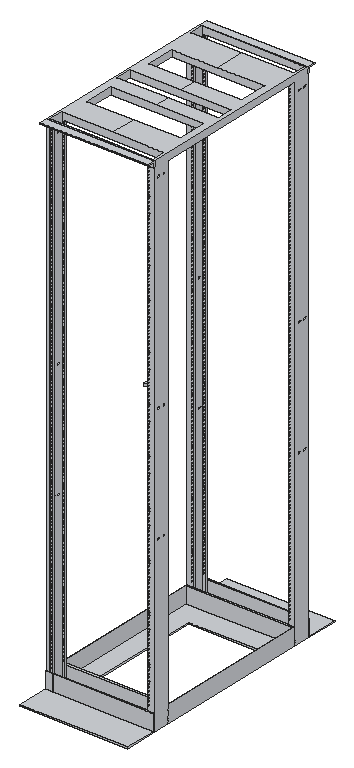
Revit family
Parameters
  Material ID = "760082578 "
  Description = "36 in (914 mm) D x 8 ft (2438 mm) H - 19 in (482.6 mm) Al Equipment Rack (52U) 12-24 Tapped Rails, Black\r\n"
Reference planes (in)
  plane 1 "Center (Front/Back)": y = 0
  plane 2: z = 0
  plane 3 "Center (Left/Right)": x = 0
Forms (in)
  Extrusion 1, solid, not visible
    sketch origin (0, -14.305, 0) x (1, 0, 0) y (0, 0, 1)
      loop
        line (-8.5516, 0.86) -> (-8.5516, 0.46) -> (-7.9516, 0.46) -> (-7.9516, 0.86) -> (-8.5516, 0.86)
    from 0 to 0.77696
  Extrusion 2, solid
    sketch origin (0, 0, 0) x (1, 0, 0) y (0, 0, 1)
      loop
        line (-10.155, 54) -> (-10.155, -42.14) -> (10.155, -42.14) -> (10.155, 54) -> (0, 54) -> (-10.155, 54)
    from 0 to 36
  Extrusion 3, void
    sketch origin (0, 0, 0) x (1, 0, 0) y (0, 0, 1)
      loop
        line (-8.905, 52.735) -> (-8.905, -50.62) -> (8.905, -50.62) -> (8.905, 52.735) -> (-8.905, 52.735)
    from 0 to 36
  Extrusion 4, void
    sketch origin (0, 0, 0) x (0, 1, 0) y (0, 0, 1)
      loop
        line (-3, 52.735) -> (-33, 52.735) -> (-33, -50.62) -> (-3, -50.62) -> (-3, 52.735)
    from -31.70377 to 25
  Extrusion 5, void
    sketch origin (0, 0, 0) x (1, 0, 0) y (0, 0, 1)
      loop
        circle (-9.175, 52.515) r 0.089
      loop
        circle (-9.175, 51.89) r 0.089
      loop
        circle (-9.175, 51.265) r 0.089
      loop
        circle (9.175, 52.515) r 0.089
      loop
        circle (9.175, 51.89) r 0.089
      loop
        circle (9.175, 51.265) r 0.089
    from 0 to 36
  Extrusion 6, void
    sketch origin (0, 0, 0) x (0, 1, 0) y (0, 0, 1)
      loop
        line (-0.2, 59.72052) -> (-2.8, 59.72052) -> (-2.8, -66.46573) -> (-0.2, -66.46573) -> (-0.2, 59.72052)
    from -9.61605 to 9.71756
  Extrusion 7, void
    sketch origin (0, -36, 0) x (0, -1, 0) y (0, 0, -1)
      loop
        line (-0.2, -59.72052) -> (-0.2, 63.44959) -> (-2.8, 63.44959) -> (-2.8, -59.72052) -> (-0.2, -59.72052)
    from -9.61605 to 9.71756
  Extrusion 8, solid
    sketch origin (0, 0, 0) x (0, 1, 0) y (0, 0, 1)
      loop
        line (-36, -42.14) -> (-36, -38.94) -> (-36.2, -38.94) -> (-36.2, -41.94) -> (-42.2, -41.94) -> (-42.2, -42.14) -> (-36, -42.14)
      loop
        line (-36, 54) -> (-37.575, 54) -> (-37.575, 53.8) -> (-36.2, 53.8) -> (-36.2, 52.94396) -> (-36, 52.94396) -> (-36, 54)
      loop
        line (0, 54) -> (0, 52.94396) -> (0.2, 52.94396) -> (0.2, 53.8) -> (1.575, 53.8) -> (1.575, 54) -> (0, 54)
      loop
        line (0, -42.14) -> (6.2, -42.14) -> (6.2, -41.94) -> (0.2, -41.94) -> (0.2, -38.94) -> (0, -38.94) -> (0, -42.14)
    from -10.155 to 10.155
  Extrusion 9, void
    sketch origin (0, 0, 0) x (1, 0, 0) y (0, 1, 0)
      loop
        line (8.81573, -8.40622) -> (-8.68427, -8.40622) -> (-8.68427, -13.90622) -> (8.81573, -13.90622) -> (8.81573, -8.40622)
      loop
        line (9.39397, -17.07974) -> (-9.60603, -17.07974) -> (-9.60603, -20.07974) -> (9.39397, -20.07974) -> (9.39397, -17.07974)
      loop
        line (8.81573, -22.79784) -> (-8.68427, -22.79784) -> (-8.68427, -28.29784) -> (8.81573, -28.29784) -> (8.81573, -22.79784)
    from 42.36078 to 63.49023
  Extrusion 10, void
    sketch origin (0, 0, 0) x (0, 1, 0) y (0, 0, 1)
      loop
        circle (-33.875, -50) r 0.335
      loop
        circle (-35.125, -50) r 0.335
      loop
        circle (-33.875, -10) r 0.335
      loop
        circle (-35.125, -10) r 0.335
      loop
        circle (-33.875, 12) r 0.335
      loop
        circle (-35.125, 12) r 0.335
      loop
        circle (-33.875, 51) r 0.335
      loop
        circle (-35.125, 51) r 0.335
      loop
        circle (-0.875, -50) r 0.335
      loop
        circle (-2.125, -50) r 0.335
      loop
        circle (-0.875, -10) r 0.335
      loop
        circle (-2.125, -10) r 0.335
      loop
        circle (-0.875, 12) r 0.335
      loop
        circle (-2.125, 12) r 0.335
      loop
        circle (-0.875, 51) r 0.335
      loop
        circle (-2.125, 51) r 0.335
    from -24.88707 to 25.18322
  Extrusion 11, void
    sketch origin (0, 0, -1.75) x (1, 0, 0) y (0, 0, 1)
      loop
        circle (-9.175, 52.515) r 0.089
      loop
        circle (-9.175, 51.89) r 0.089
      loop
        circle (-9.175, 51.265) r 0.089
      loop
        circle (9.175, 52.515) r 0.089
      loop
        circle (9.175, 51.89) r 0.089
      loop
        circle (9.175, 51.265) r 0.089
    from 0 to 36
  Extrusion 12, void
    sketch origin (0, 0, -3.5) x (1, 0, 0) y (0, 0, 1)
      loop
        circle (-9.175, 52.515) r 0.089
      loop
        circle (-9.175, 51.89) r 0.089
      loop
        circle (-9.175, 51.265) r 0.089
      loop
        circle (9.175, 52.515) r 0.089
      loop
        circle (9.175, 51.89) r 0.089
      loop
        circle (9.175, 51.265) r 0.089
    from 0 to 36
  Extrusion 13, void
    sketch origin (0, 0, -5.25) x (1, 0, 0) y (0, 0, 1)
      loop
        circle (-9.175, 52.515) r 0.089
      loop
        circle (-9.175, 51.89) r 0.089
      loop
        circle (-9.175, 51.265) r 0.089
      loop
        circle (9.175, 52.515) r 0.089
      loop
        circle (9.175, 51.89) r 0.089
      loop
        circle (9.175, 51.265) r 0.089
    from 0 to 36
  Extrusion 14, void
    sketch origin (0, 0, -7) x (1, 0, 0) y (0, 0, 1)
      loop
        circle (-9.175, 52.515) r 0.089
      loop
        circle (-9.175, 51.89) r 0.089
      loop
        circle (-9.175, 51.265) r 0.089
      loop
        circle (9.175, 52.515) r 0.089
      loop
        circle (9.175, 51.89) r 0.089
      loop
        circle (9.175, 51.265) r 0.089
    from 0 to 36
  Extrusion 15, void
    sketch origin (0, 0, -8.75) x (1, 0, 0) y (0, 0, 1)
      loop
        circle (-9.175, 52.515) r 0.089
      loop
        circle (-9.175, 51.89) r 0.089
      loop
        circle (-9.175, 51.265) r 0.089
      loop
        circle (9.175, 52.515) r 0.089
      loop
        circle (9.175, 51.89) r 0.089
      loop
        circle (9.175, 51.265) r 0.089
    from 0 to 36
  Extrusion 16, void
    sketch origin (0, 0, -10.5) x (1, 0, 0) y (0, 0, 1)
      loop
        circle (-9.175, 52.515) r 0.089
      loop
        circle (-9.175, 51.89) r 0.089
      loop
        circle (-9.175, 51.265) r 0.089
      loop
        circle (9.175, 52.515) r 0.089
      loop
        circle (9.175, 51.89) r 0.089
      loop
        circle (9.175, 51.265) r 0.089
    from 0 to 36
  Extrusion 17, void
    sketch origin (0, 0, -12.25) x (1, 0, 0) y (0, 0, 1)
      loop
        circle (-9.175, 52.515) r 0.089
      loop
        circle (-9.175, 51.89) r 0.089
      loop
        circle (-9.175, 51.265) r 0.089
      loop
        circle (9.175, 52.515) r 0.089
      loop
        circle (9.175, 51.89) r 0.089
      loop
        circle (9.175, 51.265) r 0.089
    from 0 to 36
  Extrusion 18, void
    sketch origin (0, 0, -14) x (1, 0, 0) y (0, 0, 1)
      loop
        circle (-9.175, 52.515) r 0.089
      loop
        circle (-9.175, 51.89) r 0.089
      loop
        circle (-9.175, 51.265) r 0.089
      loop
        circle (9.175, 52.515) r 0.089
      loop
        circle (9.175, 51.89) r 0.089
      loop
        circle (9.175, 51.265) r 0.089
    from 0 to 36
  Extrusion 19, void
    sketch origin (0, 0, -15.75) x (1, 0, 0) y (0, 0, 1)
      loop
        circle (-9.175, 52.515) r 0.089
      loop
        circle (-9.175, 51.89) r 0.089
      loop
        circle (-9.175, 51.265) r 0.089
      loop
        circle (9.175, 52.515) r 0.089
      loop
        circle (9.175, 51.89) r 0.089
      loop
        circle (9.175, 51.265) r 0.089
    from 0 to 36
  Extrusion 20, void
    sketch origin (0, 0, -17.5) x (1, 0, 0) y (0, 0, 1)
      loop
        circle (-9.175, 52.515) r 0.089
      loop
        circle (-9.175, 51.89) r 0.089
      loop
        circle (-9.175, 51.265) r 0.089
      loop
        circle (9.175, 52.515) r 0.089
      loop
        circle (9.175, 51.89) r 0.089
      loop
        circle (9.175, 51.265) r 0.089
    from 0 to 36
  Extrusion 21, void
    sketch origin (0, 0, -19.25) x (1, 0, 0) y (0, 0, 1)
      loop
        circle (-9.175, 52.515) r 0.089
      loop
        circle (-9.175, 51.89) r 0.089
      loop
        circle (-9.175, 51.265) r 0.089
      loop
        circle (9.175, 52.515) r 0.089
      loop
        circle (9.175, 51.89) r 0.089
      loop
        circle (9.175, 51.265) r 0.089
    from 0 to 36
  Extrusion 22, void
    sketch origin (0, 0, -21) x (1, 0, 0) y (0, 0, 1)
      loop
        circle (-9.175, 52.515) r 0.089
      loop
        circle (-9.175, 51.89) r 0.089
      loop
        circle (-9.175, 51.265) r 0.089
      loop
        circle (9.175, 52.515) r 0.089
      loop
        circle (9.175, 51.89) r 0.089
      loop
        circle (9.175, 51.265) r 0.089
    from 0 to 36
  Extrusion 23, void
    sketch origin (0, 0, -22.75) x (1, 0, 0) y (0, 0, 1)
      loop
        circle (-9.175, 52.515) r 0.089
      loop
        circle (-9.175, 51.89) r 0.089
      loop
        circle (-9.175, 51.265) r 0.089
      loop
        circle (9.175, 52.515) r 0.089
      loop
        circle (9.175, 51.89) r 0.089
      loop
        circle (9.175, 51.265) r 0.089
    from 0 to 36
  Extrusion 24, void
    sketch origin (0, 0, -24.5) x (1, 0, 0) y (0, 0, 1)
      loop
        circle (-9.175, 52.515) r 0.089
      loop
        circle (-9.175, 51.89) r 0.089
      loop
        circle (-9.175, 51.265) r 0.089
      loop
        circle (9.175, 52.515) r 0.089
      loop
        circle (9.175, 51.89) r 0.089
      loop
        circle (9.175, 51.265) r 0.089
    from 0 to 36
  Extrusion 25, void
    sketch origin (0, 0, -26.25) x (1, 0, 0) y (0, 0, 1)
      loop
        circle (-9.175, 52.515) r 0.089
      loop
        circle (-9.175, 51.89) r 0.089
      loop
        circle (-9.175, 51.265) r 0.089
      loop
        circle (9.175, 52.515) r 0.089
      loop
        circle (9.175, 51.89) r 0.089
      loop
        circle (9.175, 51.265) r 0.089
    from 0 to 36
  Extrusion 26, void
    sketch origin (0, 0, -28) x (1, 0, 0) y (0, 0, 1)
      loop
        circle (-9.175, 52.515) r 0.089
      loop
        circle (-9.175, 51.89) r 0.089
      loop
        circle (-9.175, 51.265) r 0.089
      loop
        circle (9.175, 52.515) r 0.089
      loop
        circle (9.175, 51.89) r 0.089
      loop
        circle (9.175, 51.265) r 0.089
    from 0 to 36
  Extrusion 27, void
    sketch origin (0, 0, -29.75) x (1, 0, 0) y (0, 0, 1)
      loop
        circle (-9.175, 52.515) r 0.089
      loop
        circle (-9.175, 51.89) r 0.089
      loop
        circle (-9.175, 51.265) r 0.089
      loop
        circle (9.175, 52.515) r 0.089
      loop
        circle (9.175, 51.89) r 0.089
      loop
        circle (9.175, 51.265) r 0.089
    from 0 to 36
  Extrusion 28, void
    sketch origin (0, 0, -31.5) x (1, 0, 0) y (0, 0, 1)
      loop
        circle (-9.175, 52.515) r 0.089
      loop
        circle (-9.175, 51.89) r 0.089
      loop
        circle (-9.175, 51.265) r 0.089
      loop
        circle (9.175, 52.515) r 0.089
      loop
        circle (9.175, 51.89) r 0.089
      loop
        circle (9.175, 51.265) r 0.089
    from 0 to 36
  Extrusion 29, void
    sketch origin (0, 0, -33.25) x (1, 0, 0) y (0, 0, 1)
      loop
        circle (-9.175, 52.515) r 0.089
      loop
        circle (-9.175, 51.89) r 0.089
      loop
        circle (-9.175, 51.265) r 0.089
      loop
        circle (9.175, 52.515) r 0.089
      loop
        circle (9.175, 51.89) r 0.089
      loop
        circle (9.175, 51.265) r 0.089
    from 0 to 36
  Extrusion 30, void
    sketch origin (0, 0, -35) x (1, 0, 0) y (0, 0, 1)
      loop
        circle (-9.175, 52.515) r 0.089
      loop
        circle (-9.175, 51.89) r 0.089
      loop
        circle (-9.175, 51.265) r 0.089
      loop
        circle (9.175, 52.515) r 0.089
      loop
        circle (9.175, 51.89) r 0.089
      loop
        circle (9.175, 51.265) r 0.089
    from 0 to 36
  Extrusion 31, void
    sketch origin (0, 0, -36.75) x (1, 0, 0) y (0, 0, 1)
      loop
        circle (-9.175, 52.515) r 0.089
      loop
        circle (-9.175, 51.89) r 0.089
      loop
        circle (-9.175, 51.265) r 0.089
      loop
        circle (9.175, 52.515) r 0.089
      loop
        circle (9.175, 51.89) r 0.089
      loop
        circle (9.175, 51.265) r 0.089
    from 0 to 36
  Extrusion 32, void
    sketch origin (0, 0, -38.5) x (1, 0, 0) y (0, 0, 1)
      loop
        circle (-9.175, 52.515) r 0.089
      loop
        circle (-9.175, 51.89) r 0.089
      loop
        circle (-9.175, 51.265) r 0.089
      loop
        circle (9.175, 52.515) r 0.089
      loop
        circle (9.175, 51.89) r 0.089
      loop
        circle (9.175, 51.265) r 0.089
    from 0 to 36
  Extrusion 33, void
    sketch origin (0, 0, -40.25) x (1, 0, 0) y (0, 0, 1)
      loop
        circle (-9.175, 52.515) r 0.089
      loop
        circle (-9.175, 51.89) r 0.089
      loop
        circle (-9.175, 51.265) r 0.089
      loop
        circle (9.175, 52.515) r 0.089
      loop
        circle (9.175, 51.89) r 0.089
      loop
        circle (9.175, 51.265) r 0.089
    from 0 to 36
  Extrusion 34, void
    sketch origin (0, 0, -42) x (1, 0, 0) y (0, 0, 1)
      loop
        circle (-9.175, 52.515) r 0.089
      loop
        circle (-9.175, 51.89) r 0.089
      loop
        circle (-9.175, 51.265) r 0.089
      loop
        circle (9.175, 52.515) r 0.089
      loop
        circle (9.175, 51.89) r 0.089
      loop
        circle (9.175, 51.265) r 0.089
    from 0 to 36
  Extrusion 35, void
    sketch origin (0, 0, -43.75) x (1, 0, 0) y (0, 0, 1)
      loop
        circle (-9.175, 52.515) r 0.089
      loop
        circle (-9.175, 51.89) r 0.089
      loop
        circle (-9.175, 51.265) r 0.089
      loop
        circle (9.175, 52.515) r 0.089
      loop
        circle (9.175, 51.89) r 0.089
      loop
        circle (9.175, 51.265) r 0.089
    from 0 to 36
  Extrusion 36, void
    sketch origin (0, 0, -45.5) x (1, 0, 0) y (0, 0, 1)
      loop
        circle (-9.175, 52.515) r 0.089
      loop
        circle (-9.175, 51.89) r 0.089
      loop
        circle (-9.175, 51.265) r 0.089
      loop
        circle (9.175, 52.515) r 0.089
      loop
        circle (9.175, 51.89) r 0.089
      loop
        circle (9.175, 51.265) r 0.089
    from 0 to 36
  Extrusion 37, void
    sketch origin (0, 0, -47.25) x (1, 0, 0) y (0, 0, 1)
      loop
        circle (-9.175, 52.515) r 0.089
      loop
        circle (-9.175, 51.89) r 0.089
      loop
        circle (-9.175, 51.265) r 0.089
      loop
        circle (9.175, 52.515) r 0.089
      loop
        circle (9.175, 51.89) r 0.089
      loop
        circle (9.175, 51.265) r 0.089
    from 0 to 36
  Extrusion 38, void
    sketch origin (0, 0, -49) x (1, 0, 0) y (0, 0, 1)
      loop
        circle (-9.175, 52.515) r 0.089
      loop
        circle (-9.175, 51.89) r 0.089
      loop
        circle (-9.175, 51.265) r 0.089
      loop
        circle (9.175, 52.515) r 0.089
      loop
        circle (9.175, 51.89) r 0.089
      loop
        circle (9.175, 51.265) r 0.089
    from 0 to 36
  Extrusion 39, void
    sketch origin (0, 0, -50.75) x (1, 0, 0) y (0, 0, 1)
      loop
        circle (-9.175, 52.515) r 0.089
      loop
        circle (-9.175, 51.89) r 0.089
      loop
        circle (-9.175, 51.265) r 0.089
      loop
        circle (9.175, 52.515) r 0.089
      loop
        circle (9.175, 51.89) r 0.089
      loop
        circle (9.175, 51.265) r 0.089
    from 0 to 36
  Extrusion 40, void
    sketch origin (0, 0, -52.5) x (1, 0, 0) y (0, 0, 1)
      loop
        circle (-9.175, 52.515) r 0.089
      loop
        circle (-9.175, 51.89) r 0.089
      loop
        circle (-9.175, 51.265) r 0.089
      loop
        circle (9.175, 52.515) r 0.089
      loop
        circle (9.175, 51.89) r 0.089
      loop
        circle (9.175, 51.265) r 0.089
    from 0 to 36
  Extrusion 41, void
    sketch origin (0, 0, -54.25) x (1, 0, 0) y (0, 0, 1)
      loop
        circle (-9.175, 52.515) r 0.089
      loop
        circle (-9.175, 51.89) r 0.089
      loop
        circle (-9.175, 51.265) r 0.089
      loop
        circle (9.175, 52.515) r 0.089
      loop
        circle (9.175, 51.89) r 0.089
      loop
        circle (9.175, 51.265) r 0.089
    from 0 to 36
  Extrusion 42, void
    sketch origin (0, 0, -56) x (1, 0, 0) y (0, 0, 1)
      loop
        circle (-9.175, 52.515) r 0.089
      loop
        circle (-9.175, 51.89) r 0.089
      loop
        circle (-9.175, 51.265) r 0.089
      loop
        circle (9.175, 52.515) r 0.089
      loop
        circle (9.175, 51.89) r 0.089
      loop
        circle (9.175, 51.265) r 0.089
    from 0 to 36
  Extrusion 43, void
    sketch origin (0, 0, -57.75) x (1, 0, 0) y (0, 0, 1)
      loop
        circle (-9.175, 52.515) r 0.089
      loop
        circle (-9.175, 51.89) r 0.089
      loop
        circle (-9.175, 51.265) r 0.089
      loop
        circle (9.175, 52.515) r 0.089
      loop
        circle (9.175, 51.89) r 0.089
      loop
        circle (9.175, 51.265) r 0.089
    from 0 to 36
  Extrusion 44, void
    sketch origin (0, 0, -59.5) x (1, 0, 0) y (0, 0, 1)
      loop
        circle (-9.175, 52.515) r 0.089
      loop
        circle (-9.175, 51.89) r 0.089
      loop
        circle (-9.175, 51.265) r 0.089
      loop
        circle (9.175, 52.515) r 0.089
      loop
        circle (9.175, 51.89) r 0.089
      loop
        circle (9.175, 51.265) r 0.089
    from 0 to 36
  Extrusion 45, void
    sketch origin (0, 0, -61.25) x (1, 0, 0) y (0, 0, 1)
      loop
        circle (-9.175, 52.515) r 0.089
      loop
        circle (-9.175, 51.89) r 0.089
      loop
        circle (-9.175, 51.265) r 0.089
      loop
        circle (9.175, 52.515) r 0.089
      loop
        circle (9.175, 51.89) r 0.089
      loop
        circle (9.175, 51.265) r 0.089
    from 0 to 36
  Extrusion 46, void
    sketch origin (0, 0, -63) x (1, 0, 0) y (0, 0, 1)
      loop
        circle (-9.175, 52.515) r 0.089
      loop
        circle (-9.175, 51.89) r 0.089
      loop
        circle (-9.175, 51.265) r 0.089
      loop
        circle (9.175, 52.515) r 0.089
      loop
        circle (9.175, 51.89) r 0.089
      loop
        circle (9.175, 51.265) r 0.089
    from 0 to 36
  Extrusion 47, void
    sketch origin (0, 0, -64.75) x (1, 0, 0) y (0, 0, 1)
      loop
        circle (-9.175, 52.515) r 0.089
      loop
        circle (-9.175, 51.89) r 0.089
      loop
        circle (-9.175, 51.265) r 0.089
      loop
        circle (9.175, 52.515) r 0.089
      loop
        circle (9.175, 51.89) r 0.089
      loop
        circle (9.175, 51.265) r 0.089
    from 0 to 36
  Extrusion 48, void
    sketch origin (0, 0, -66.5) x (1, 0, 0) y (0, 0, 1)
      loop
        circle (-9.175, 52.515) r 0.089
      loop
        circle (-9.175, 51.89) r 0.089
      loop
        circle (-9.175, 51.265) r 0.089
      loop
        circle (9.175, 52.515) r 0.089
      loop
        circle (9.175, 51.89) r 0.089
      loop
        circle (9.175, 51.265) r 0.089
    from 0 to 36
  Extrusion 49, void
    sketch origin (0, 0, -68.25) x (1, 0, 0) y (0, 0, 1)
      loop
        circle (-9.175, 52.515) r 0.089
      loop
        circle (-9.175, 51.89) r 0.089
      loop
        circle (-9.175, 51.265) r 0.089
      loop
        circle (9.175, 52.515) r 0.089
      loop
        circle (9.175, 51.89) r 0.089
      loop
        circle (9.175, 51.265) r 0.089
    from 0 to 36
  Extrusion 50, void
    sketch origin (0, 0, -70) x (1, 0, 0) y (0, 0, 1)
      loop
        circle (-9.175, 52.515) r 0.089
      loop
        circle (-9.175, 51.89) r 0.089
      loop
        circle (-9.175, 51.265) r 0.089
      loop
        circle (9.175, 52.515) r 0.089
      loop
        circle (9.175, 51.89) r 0.089
      loop
        circle (9.175, 51.265) r 0.089
    from 0 to 36
  Extrusion 51, void
    sketch origin (0, 0, -71.75) x (1, 0, 0) y (0, 0, 1)
      loop
        circle (-9.175, 52.515) r 0.089
      loop
        circle (-9.175, 51.89) r 0.089
      loop
        circle (-9.175, 51.265) r 0.089
      loop
        circle (9.175, 52.515) r 0.089
      loop
        circle (9.175, 51.89) r 0.089
      loop
        circle (9.175, 51.265) r 0.089
    from 0 to 36
  Extrusion 52, void
    sketch origin (0, 0, -73.5) x (1, 0, 0) y (0, 0, 1)
      loop
        circle (-9.175, 52.515) r 0.089
      loop
        circle (-9.175, 51.89) r 0.089
      loop
        circle (-9.175, 51.265) r 0.089
      loop
        circle (9.175, 52.515) r 0.089
      loop
        circle (9.175, 51.89) r 0.089
      loop
        circle (9.175, 51.265) r 0.089
    from 0 to 36
  Extrusion 53, void
    sketch origin (0, 0, -75.25) x (1, 0, 0) y (0, 0, 1)
      loop
        circle (-9.175, 52.515) r 0.089
      loop
        circle (-9.175, 51.89) r 0.089
      loop
        circle (-9.175, 51.265) r 0.089
      loop
        circle (9.175, 52.515) r 0.089
      loop
        circle (9.175, 51.89) r 0.089
      loop
        circle (9.175, 51.265) r 0.089
    from 0 to 36
  Extrusion 54, void
    sketch origin (0, 0, -77) x (1, 0, 0) y (0, 0, 1)
      loop
        circle (-9.175, 52.515) r 0.089
      loop
        circle (-9.175, 51.89) r 0.089
      loop
        circle (-9.175, 51.265) r 0.089
      loop
        circle (9.175, 52.515) r 0.089
      loop
        circle (9.175, 51.89) r 0.089
      loop
        circle (9.175, 51.265) r 0.089
    from 0 to 36
  Extrusion 55, void
    sketch origin (0, 0, -78.75) x (1, 0, 0) y (0, 0, 1)
      loop
        circle (-9.175, 52.515) r 0.089
      loop
        circle (-9.175, 51.89) r 0.089
      loop
        circle (-9.175, 51.265) r 0.089
      loop
        circle (9.175, 52.515) r 0.089
      loop
        circle (9.175, 51.89) r 0.089
      loop
        circle (9.175, 51.265) r 0.089
    from 0 to 36
  Extrusion 56, void
    sketch origin (0, 0, -80.5) x (1, 0, 0) y (0, 0, 1)
      loop
        circle (-9.175, 52.515) r 0.089
      loop
        circle (-9.175, 51.89) r 0.089
      loop
        circle (-9.175, 51.265) r 0.089
      loop
        circle (9.175, 52.515) r 0.089
      loop
        circle (9.175, 51.89) r 0.089
      loop
        circle (9.175, 51.265) r 0.089
    from 0 to 36
  Extrusion 57, void
    sketch origin (0, 0, -82.25) x (1, 0, 0) y (0, 0, 1)
      loop
        circle (-9.175, 52.515) r 0.089
      loop
        circle (-9.175, 51.89) r 0.089
      loop
        circle (-9.175, 51.265) r 0.089
      loop
        circle (9.175, 52.515) r 0.089
      loop
        circle (9.175, 51.89) r 0.089
      loop
        circle (9.175, 51.265) r 0.089
    from 0 to 36
  Extrusion 58, void
    sketch origin (0, 0, -84) x (1, 0, 0) y (0, 0, 1)
      loop
        circle (-9.175, 52.515) r 0.089
      loop
        circle (-9.175, 51.89) r 0.089
      loop
        circle (-9.175, 51.265) r 0.089
      loop
        circle (9.175, 52.515) r 0.089
      loop
        circle (9.175, 51.89) r 0.089
      loop
        circle (9.175, 51.265) r 0.089
    from 0 to 36
  Extrusion 59, void
    sketch origin (0, 0, -85.75) x (1, 0, 0) y (0, 0, 1)
      loop
        circle (-9.175, 52.515) r 0.089
      loop
        circle (-9.175, 51.89) r 0.089
      loop
        circle (-9.175, 51.265) r 0.089
      loop
        circle (9.175, 52.515) r 0.089
      loop
        circle (9.175, 51.89) r 0.089
      loop
        circle (9.175, 51.265) r 0.089
    from 0 to 36
  Extrusion 60, void
    sketch origin (0, 0, -87.5) x (1, 0, 0) y (0, 0, 1)
      loop
        circle (-9.175, 52.515) r 0.089
      loop
        circle (-9.175, 51.89) r 0.089
      loop
        circle (-9.175, 51.265) r 0.089
      loop
        circle (9.175, 52.515) r 0.089
      loop
        circle (9.175, 51.89) r 0.089
      loop
        circle (9.175, 51.265) r 0.089
    from 0 to 36
  Extrusion 61, void
    sketch origin (0, 0, -89.25) x (1, 0, 0) y (0, 0, 1)
      loop
        circle (-9.175, 52.515) r 0.089
      loop
        circle (-9.175, 51.89) r 0.089
      loop
        circle (-9.175, 51.265) r 0.089
      loop
        circle (9.175, 52.515) r 0.089
      loop
        circle (9.175, 51.89) r 0.089
      loop
        circle (9.175, 51.265) r 0.089
    from 0 to 36
  Extrusion 62, solid
    sketch origin (0, 0, 0) x (1, 0, 0) y (0, 1, 0)
      loop
        line (10.155, -33) -> (10.155, -3) -> (-10.155, -3) -> (-10.155, -33) -> (10.155, -33)
    from -42.14 to -38.94
  Extrusion 63, void
    sketch origin (0, 0, 0) x (0, 1, 0) y (0, 0, 1)
      loop
        line (-32.5, -35.69493) -> (-32.5, -41.87667) -> (-3.46042, -41.87667) -> (-3.46042, -35.69493) -> (-32.5, -35.69493)
    from -9.95478 to 9.97882
  Extrusion 64, void
    sketch origin (0, 0, 0) x (0, 1, 0) y (0, 0, 1)
      loop
        line (-7.62716, -37.84299) -> (-28.87716, -37.84299) -> (-28.87716, -42.84299) -> (-7.62716, -42.84299) -> (-7.62716, -37.84299)
    from -6.18645 to 7.57842
Cuts and joins
  Extrusion 3, Extrusion 4, Extrusion 5, Extrusion 6, Extrusion 7, Extrusion 9, Extrusion 10, Extrusion 11, Extrusion 12, Extrusion 13, Extrusion 14, Extrusion 15, Extrusion 16, Extrusion 17, Extrusion 18, Extrusion 19, Extrusion 20, Extrusion 21, Extrusion 22, Extrusion 23, Extrusion 24, Extrusion 25, Extrusion 26, Extrusion 27, Extrusion 28, Extrusion 29, Extrusion 30, Extrusion 31, Extrusion 32, Extrusion 33, Extrusion 34, Extrusion 35, Extrusion 36, Extrusion 37, Extrusion 38, Extrusion 39, Extrusion 40, Extrusion 41, Extrusion 42, Extrusion 43, Extrusion 44, Extrusion 45, Extrusion 46, Extrusion 47, Extrusion 48, Extrusion 49, Extrusion 50, Extrusion 51, Extrusion 52, Extrusion 53, Extrusion 54, Extrusion 55, Extrusion 56, Extrusion 57, Extrusion 58, Extrusion 59, Extrusion 60, Extrusion 61, Extrusion 63, Extrusion 64 cuts Extrusion 2
  Extrusion 9, Extrusion 10, Extrusion 11, Extrusion 12, Extrusion 13, Extrusion 14, Extrusion 15, Extrusion 16, Extrusion 17, Extrusion 18, Extrusion 19, Extrusion 20, Extrusion 21, Extrusion 22, Extrusion 23, Extrusion 24, Extrusion 25, Extrusion 26, Extrusion 27, Extrusion 28, Extrusion 29, Extrusion 30, Extrusion 31, Extrusion 32, Extrusion 33, Extrusion 34, Extrusion 35, Extrusion 36, Extrusion 37, Extrusion 38, Extrusion 39, Extrusion 40, Extrusion 41, Extrusion 42, Extrusion 43, Extrusion 44, Extrusion 45, Extrusion 46, Extrusion 47, Extrusion 48, Extrusion 49, Extrusion 50, Extrusion 51, Extrusion 52, Extrusion 53, Extrusion 54, Extrusion 55, Extrusion 56, Extrusion 57, Extrusion 58, Extrusion 59, Extrusion 60, Extrusion 61, Extrusion 63, Extrusion 64 cuts Extrusion 8
  Extrusion 63, Extrusion 64 cuts Extrusion 62
